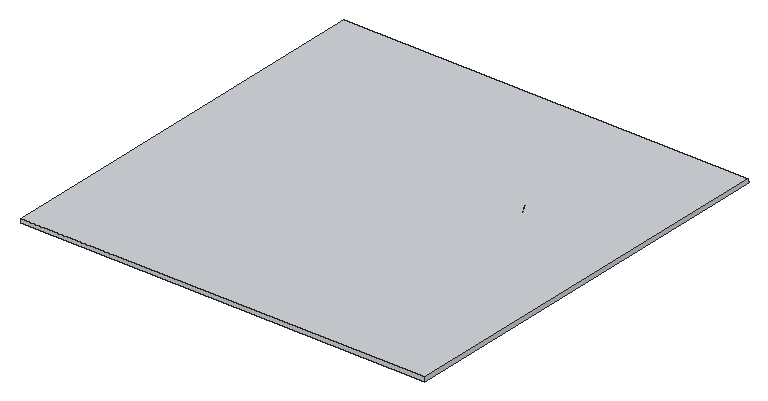
Revit family "Tyco_FireDtctnAlmCtrlIndctEquip_Zettler-AddressableOpticalSmokeHeatAndCODetector", category Fire Alarm Devices, host Face, Revit 2013
Parameters (values of type "830PC")
  Weight = "(Excluding Base) 94g"
  WarrantyStartDate [instance] = "1900-12-31T23:59:59"
  WarrantyGuarantorParts = "Contact your supplier. If you don’t have your supplier contact details please contact (tfsuk.service@tycoint.com) or (tfseu.service@tycoint.com)"
  WarrantyGuarantorLabor = "Contact your supplier. If you don’t have your supplier contact details please contact (tfsuk.service@tycoint.com) or (tfseu.service@tycoint.com)"
  WarrantyDurationUnit = "Year"
  WarrantyDurationParts = "1.5 years"
  WarrantyDurationLabor = "1.5 years"
  WarrantyDescription = "n/a"
  Voltage = "20 – 40 VDC"
  Version = "1"
  UsageCurrent = "420μA"
  Uniclass2 = "Ee_40_15_75"
  URL = "http://www.zettlerfire.com/Products/Fire/ZETTLERdetectors/ZETTLERGen6_830PC_850PC.asp"
  Type Comments = "Only 4B_Detector or 4B-I_Isolator Detector Bases can be used with 830PC Detector"
  TimeConstant = "n/a"
  TagNumber [instance] = "n/a"
  SustainabilityPerformance = "n/a"
  StorageTemperature = "-20 °C to +55 °C"
  SmokeSensorRange = "n/a"
  Size = "n/a"
  ShortCircuitIsolators = no
  Shape = "n/a"
  SerialNumber [instance] = "n/a"
  Revision = "n/a"
  ReplacementCost = "n/a"
  RelativeHumidity = "95%(non-condensing)"
  Reference = "n/a"
  QuiescentCurrent = "420μA"
  ProductSpecification = "830PC Addressable Optical Smoke, Heat and CO Detector without built in-line isolator"
  ProductInformation = "http://www.zettlerfire.com/Products/Fire/ZETTLERdetectors/ZETTLERGen6_830PC_850PC.asp"
  ProductCodes = "516.830.054"
  PressureSensorSetPoint = "n/a"
  PhaseReference = "n/a"
  PhaseAngle = 0.00°
  OperationTemperatureRange = "-10 °C to +55 °C"
  NumberOfPoles = 0
  NominalWidth = 108 mm
  NominalVoltage = "40 V DC"
  NominalLength = 108 mm
  NominalHeight = 42 mm
  NominalFrequencyRange = "n/a"
  NominalDiameter = 108 mm
  NominalCurrent = "n/a"
  Name = "830PC-Addressable Optical Smoke, Heat and CO Detector"
  NBSReference = "90-75-30/380"
  NBSDescription = "Fire detection and alarm control and indicating equipment (CIE)"
  ModelReference = "n/a"
  ModelNumber = "830PC"
  Model = "830PC"
  Material = "Flame Retardant-FR3010 ‘BAYBLEND'"
  ManufacturerURL = "www.zettlerfire.com"
  ManufacturerName = "Tyco Fire Protection Products"
  Manufacturer = "Tyco Fire Protection Products"  # constant formula
  InsulationStandardClass = "n/a"
  InstallationDate [instance] = "1900-12-31T23:59:59"
  IfcTypeObject = "IfcBuildingElementProxy"
  IfcExportType = "HEATSENSOR"
  IfcExportAs = "IfcSensorType"
  IPCode = "IP44"
  HeatSensorSetPoint = "n/a"
  HeatSensorRange = "n/a"
  HeatSensorAccuracy = "n/a"
  HasProtectiveEarth = no
  HasBuiltInAlarm = no
  Grade = "n/a"
  Finish = "n/a"
  Features = "Optical Smoke,Heat and CO Detector"
  ExpectedLife = "n/a"
  ElectricalDeviceNominalPower = "n/a"
  DurationUnit = "Year"
  DeviceBases = "4B_Detector Base/4B-I_Isolator Detector Base"
  DetectorType = "Optical Smoke,Heat and CO Detector"
  Detector Color = Plastic Material White
  Detector Base [instance] = 4B series Detector Bases : 4B_Detector_Base
  Description = "Zettler-Addressable Optical Smoke, Heat and CO Detector without built in-line isolator"
  Default Elevation = 1200 mm
  CoverageArea = "n/a"
  Constituents = "n/a"
  Color = "White"
  CodePerformance = "n/a"
  Category = "Ee_40_15_75"
  Brand = "Zettler"
  BarCode [instance] = "n/a"
  BIMObjectName = "Tyco_FireDtctnAlmCtrlIndctEquip_Zettler-AddressableOpticalSmokeHeatAndCODetector-830PC"
  Author = "Tyco Fire Protection Products"
  AssetType = "Moveable"
  AssetIdentifier [instance] = "n/a"
  AlarmCurrent = "3.3mA"
  AccuracyOfSmokeSensor = "n/a"
  AccessibilityPerformance = "n/a"
Types (3, lengths in mm): name | Type Comments | ShortCircuitIsolators | ProductSpecification | ProductCodes | Name | ModelNumber | Model | DeviceBases | Detector Base | Description | BIMObjectName
  (no name) | "Only 4B_Detector or 4B-I_Isolator Detector Bases can be used with 830PC Detector" | no | "830PC Addressable Optical Smoke, Heat and CO Detector without built in-line isolator" | "516.830.054" | "830PC-Addressable Optical Smoke, Heat and CO Detector" | "830PC" | "830PC" | "4B_Detector Base/4B-I_Isolator Detector Base" | 4B series Detector Bases : 4B_Detector_Base | "Zettler-Addressable Optical Smoke, Heat and CO Detector without built in-line isolator" | "Tyco_FireDtctnAlmCtrlIndctEquip_Zettler-AddressableOpticalSmokeHeatAndCODetector-830PC"
  850PC | "Only 4B-C_Continuity Detector Base can be used with 850PH Detector" | yes | "850PC Addressable Optical Smoke, Heat and CO Detector with built in-line isolator" | "516.850.054" | "850PC-Addressable Optical Smoke, Heat and CO Detector" | "850PC" | "850PC" | "4B-C_Continuity Detector Base" | 4B series Detector Bases : 4B-C_Continuity_Detector_Base | "Zettler-Addressable Optical Smoke, Heat and CO Detector with built in-line isolator" | "Tyco_FireDtctnAlmCtrlIndctEquip_Zettler-AddressableOpticalSmokeHeatAndCODetector-850PC"
  830PC | "Only 4B_Detector or 4B-I_Isolator Detector Bases can be used with 830PC Detector" | no | "830PC Addressable Optical Smoke, Heat and CO Detector without built in-line isolator" | "516.830.054" | "830PC-Addressable Optical Smoke, Heat and CO Detector" | "830PC" | "830PC" | "4B_Detector Base/4B-I_Isolator Detector Base" | 4B series Detector Bases : 4B_Detector_Base | "Zettler-Addressable Optical Smoke, Heat and CO Detector without built in-line isolator" | "Tyco_FireDtctnAlmCtrlIndctEquip_Zettler-AddressableOpticalSmokeHeatAndCODetector-830PC"
Reference planes
  plane 1 "Center (Front/Back)": y = 0
  plane 2: z = 0
  plane 3 "Center (Left/Right)": x = 0
  plane 4 "Base Ref": z = -13
  plane 5: z = -55
Forms (mm)
  Extrusion 1, solid
    sketch origin (0, 0, 0) x (1, 0, 0) y (0, 1, 0)
      loop
        line (-100, 100) -> (-100, -100) -> (100, -100) -> (100, 100) -> (-100, 100)
    from 0 to 2
Lines and regions (mm)
  symbolic lines
    curve 1: circle (0, 0, 0) r 55 normal (0, 0, 1)
    curve 2: circle (0, 0, 0) r 27.844 normal (0, 0, 1)
    curve 3: line (-54.5, 0, 0) -> (54.5, 0, 0)
    curve 63: line (0, 54.516, 0) -> (0, -54.509, 0)
  symbolic lines, detail levels medium+fine
    curve 4: line (54.5, 0, 0) -> (54, 0, -13)
    curve 5: line (54, 0, -13) -> (-54, 0, -13)
    curve 6: line (-54, 0, -13) -> (-54.5, 0, 0)
    curve 7: arc (-37.856, 0, -36.4) -> (-41.005, 0, -33.439) -> (-44.898, 0, -31.56) r 14.24
    curve 8: arc (-53.231, 0, -21.704) -> (-50.512, 0, -27.856) -> (-44.898, 0, -31.56) r 11.931
    curve 9: arc (-37.856, 0, -36.4) -> (-35.038, 0, -40.489) -> (-32.735, 0, -44.888) r 41.028
    curve 10: arc (-32.735, 0, -44.888) -> (-28.969, 0, -50.351) -> (-22.82, 0, -52.844) r 11.564
    curve 11: arc (0, 0, -55) -> (-11.461, 0, -54.465) -> (-22.82, 0, -52.844) r 120.632
    curve 12: line (-53.231, 0, -21.704) -> (-54, 0, -13)
    curve 13: arc (37.856, 0, -36.4) -> (41.005, 0, -33.439) -> (44.898, 0, -31.56) r 14.24
    curve 14: arc (53.231, 0, -21.704) -> (50.512, 0, -27.856) -> (44.898, 0, -31.56) r 11.931
    curve 15: arc (37.856, 0, -36.4) -> (35.038, 0, -40.489) -> (32.735, 0, -44.888) r 41.028
    curve 16: arc (32.735, 0, -44.888) -> (28.969, 0, -50.351) -> (22.82, 0, -52.844) r 11.564
    curve 17: arc (0, 0, -55) -> (11.461, 0, -54.465) -> (22.82, 0, -52.844) r 120.632
    curve 18: line (53.231, 0, -21.704) -> (54, 0, -13)
    curve 19: spline (-22.136, 0, -44.829) -> (-22.285, 0, -44.257) -> (-22.444, 0, -43.692) -> (-22.614, 0, -43.133) -> (-22.795, 0, -42.58) -> (-22.986, 0, -42.035) -> (-23.187, 0, -41.497) -> (-23.398, 0, -40.966) -> (-23.619, 0, -40.444) -> (-23.851, 0, -39.931) -> (-24.091, 0, -39.426) -> (-24.341, 0, -38.931) -> (-24.601, 0, -38.445)
    curve 20: spline (-24.601, 0, -38.445) -> (-24.702, 0, -38.266) -> (-24.8, 0, -38.089) -> (-24.896, 0, -37.913) -> (-24.989, 0, -37.739) -> (-25.079, 0, -37.565) -> (-25.167, 0, -37.393) -> (-25.251, 0, -37.223) -> (-25.333, 0, -37.055) -> (-25.411, 0, -36.888) -> (-25.487, 0, -36.723) -> (-25.559, 0, -36.561) -> (-25.629, 0, -36.4)
    curve 21: spline (-16.99, 0, -52.18) -> (-17.571, 0, -51.85) -> (-18.133, 0, -51.46) -> (-18.674, 0, -51.012) -> (-19.19, 0, -50.509) -> (-19.678, 0, -49.954) -> (-20.135, 0, -49.35) -> (-20.561, 0, -48.7) -> (-20.951, 0, -48.007) -> (-21.304, 0, -47.275) -> (-21.617, 0, -46.509) -> (-21.89, 0, -45.712) -> (-22.121, 0, -44.888)
    curve 22: spline (-15.029, 0, -52.569) -> (-15.179, 0, -52.575) -> (-15.34, 0, -52.573) -> (-15.509, 0, -52.563) -> (-15.684, 0, -52.545) -> (-15.863, 0, -52.52) -> (-16.042, 0, -52.488) -> (-16.219, 0, -52.45) -> (-16.391, 0, -52.405) -> (-16.557, 0, -52.355) -> (-16.713, 0, -52.3) -> (-16.858, 0, -52.241) -> (-16.99, 0, -52.179)
    curve 23: line (-8.615, 0, -52.569) -> (-15.029, 0, -52.569)
    curve 24: spline (-7.74, 0, -52.193) -> (-7.718, 0, -52.242) -> (-7.714, 0, -52.29) -> (-7.729, 0, -52.336) -> (-7.763, 0, -52.379) -> (-7.816, 0, -52.418) -> (-7.886, 0, -52.454) -> (-7.973, 0, -52.486) -> (-8.076, 0, -52.513) -> (-8.193, 0, -52.535) -> (-8.323, 0, -52.552) -> (-8.464, 0, -52.563) -> (-8.615, 0, -52.569)
    curve 25: spline (-9.631, 0, -44.858) -> (-9.546, 0, -45.688) -> (-9.446, 0, -46.491) -> (-9.331, 0, -47.263) -> (-9.201, 0, -48) -> (-9.057, 0, -48.698) -> (-8.9, 0, -49.353) -> (-8.732, 0, -49.961) -> (-8.552, 0, -50.519) -> (-8.361, 0, -51.024) -> (-8.162, 0, -51.472) -> (-7.955, 0, -51.863) -> (-7.74, 0, -52.193)
    curve 26: spline (-10.535, 0, -38.446) -> (-10.44, 0, -38.934) -> (-10.348, 0, -39.431) -> (-10.26, 0, -39.938) -> (-10.175, 0, -40.454) -> (-10.093, 0, -40.978) -> (-10.016, 0, -41.511) -> (-9.942, 0, -42.052) -> (-9.872, 0, -42.6) -> (-9.806, 0, -43.155) -> (-9.743, 0, -43.716) -> (-9.685, 0, -44.285) -> (-9.631, 0, -44.858)
    curve 27: spline (-11.314, 0, -36.4) -> (-11.222, 0, -36.558) -> (-11.135, 0, -36.719) -> (-11.053, 0, -36.883) -> (-10.976, 0, -37.048) -> (-10.903, 0, -37.216) -> (-10.836, 0, -37.386) -> (-10.773, 0, -37.558) -> (-10.715, 0, -37.732) -> (-10.663, 0, -37.908) -> (-10.615, 0, -38.086) -> (-10.573, 0, -38.265) -> (-10.535, 0, -38.446)
    curve 28: line (-11.314, 0, -36.4) -> (-25.629, 0, -36.4)
    curve 29: line (25.629, 0, -36.4) -> (11.314, 0, -36.4)
    curve 30: spline (10.566, 0, -38.296) -> (10.604, 0, -38.131) -> (10.646, 0, -37.967) -> (10.693, 0, -37.804) -> (10.745, 0, -37.642) -> (10.8, 0, -37.482) -> (10.861, 0, -37.322) -> (10.926, 0, -37.165) -> (10.995, 0, -37.008) -> (11.068, 0, -36.854) -> (11.146, 0, -36.701) -> (11.228, 0, -36.549) -> (11.314, 0, -36.4)
    curve 31: spline (9.631, 0, -44.858) -> (9.686, 0, -44.27) -> (9.747, 0, -43.687) -> (9.811, 0, -43.111) -> (9.879, 0, -42.542) -> (9.951, 0, -41.981) -> (10.028, 0, -41.428) -> (10.108, 0, -40.883) -> (10.192, 0, -40.346) -> (10.28, 0, -39.819) -> (10.371, 0, -39.301) -> (10.467, 0, -38.794) -> (10.566, 0, -38.296)
    curve 32: spline (7.762, 0, -52.162) -> (7.974, 0, -51.829) -> (8.179, 0, -51.436) -> (8.376, 0, -50.987) -> (8.564, 0, -50.482) -> (8.742, 0, -49.926) -> (8.909, 0, -49.32) -> (9.063, 0, -48.669) -> (9.205, 0, -47.976) -> (9.334, 0, -47.244) -> (9.448, 0, -46.478) -> (9.547, 0, -45.681) -> (9.631, 0, -44.858)
    curve 33: spline (8.688, 0, -52.569) -> (8.521, 0, -52.575) -> (8.364, 0, -52.572) -> (8.22, 0, -52.562) -> (8.091, 0, -52.543) -> (7.979, 0, -52.517) -> (7.884, 0, -52.483) -> (7.81, 0, -52.443) -> (7.757, 0, -52.396) -> (7.725, 0, -52.344) -> (7.716, 0, -52.288) -> (7.729, 0, -52.227) -> (7.764, 0, -52.163)
    curve 34: line (8.688, 0, -52.569) -> (15.092, 0, -52.569)
    curve 35: spline (17.057, 0, -52.145) -> (16.931, 0, -52.199) -> (16.791, 0, -52.252) -> (16.637, 0, -52.303) -> (16.473, 0, -52.352) -> (16.301, 0, -52.397) -> (16.124, 0, -52.438) -> (15.944, 0, -52.474) -> (15.763, 0, -52.505) -> (15.585, 0, -52.53) -> (15.413, 0, -52.55) -> (15.247, 0, -52.563) -> (15.092, 0, -52.569)
    curve 36: spline (22.121, 0, -44.888) -> (21.893, 0, -45.704) -> (21.623, 0, -46.494) -> (21.313, 0, -47.254) -> (20.965, 0, -47.98) -> (20.58, 0, -48.668) -> (20.161, 0, -49.314) -> (19.709, 0, -49.916) -> (19.228, 0, -50.469) -> (18.719, 0, -50.971) -> (18.186, 0, -51.419) -> (17.631, 0, -51.811) -> (17.057, 0, -52.145)
    curve 37: spline (24.552, 0, -38.534) -> (24.296, 0, -39.018) -> (24.049, 0, -39.512) -> (23.812, 0, -40.015) -> (23.584, 0, -40.526) -> (23.366, 0, -41.046) -> (23.157, 0, -41.574) -> (22.959, 0, -42.109) -> (22.77, 0, -42.652) -> (22.592, 0, -43.202) -> (22.425, 0, -43.758) -> (22.268, 0, -44.32) -> (22.121, 0, -44.888)
    curve 38: spline (25.629, 0, -36.4) -> (25.553, 0, -36.565) -> (25.475, 0, -36.732) -> (25.394, 0, -36.903) -> (25.31, 0, -37.075) -> (25.224, 0, -37.25) -> (25.135, 0, -37.428) -> (25.044, 0, -37.607) -> (24.95, 0, -37.789) -> (24.854, 0, -37.973) -> (24.756, 0, -38.158) -> (24.655, 0, -38.345) -> (24.552, 0, -38.534)
    curve 39: spline (-5.342, 0, -52.17) -> (-5.554, 0, -51.838) -> (-5.76, 0, -51.446) -> (-5.958, 0, -50.996) -> (-6.146, 0, -50.492) -> (-6.324, 0, -49.935) -> (-6.492, 0, -49.329) -> (-6.647, 0, -48.677) -> (-6.789, 0, -47.982) -> (-6.918, 0, -47.249) -> (-7.032, 0, -46.481) -> (-7.132, 0, -45.683) -> (-7.216, 0, -44.858)
    curve 40: spline (-7.216, 0, -44.858) -> (-7.282, 0, -44.168) -> (-7.354, 0, -43.485) -> (-7.431, 0, -42.812) -> (-7.514, 0, -42.149) -> (-7.603, 0, -41.497) -> (-7.697, 0, -40.857) -> (-7.796, 0, -40.228) -> (-7.901, 0, -39.612) -> (-8.011, 0, -39.01) -> (-8.125, 0, -38.421) -> (-8.245, 0, -37.848) -> (-8.369, 0, -37.289)
    curve 41: spline (-8.369, 0, -37.289) -> (-8.387, 0, -37.213) -> (-8.403, 0, -37.138) -> (-8.418, 0, -37.063) -> (-8.433, 0, -36.988) -> (-8.447, 0, -36.913) -> (-8.46, 0, -36.839) -> (-8.471, 0, -36.765) -> (-8.482, 0, -36.691) -> (-8.492, 0, -36.618) -> (-8.502, 0, -36.545) -> (-8.51, 0, -36.472) -> (-8.517, 0, -36.4)
    curve 42: line (8.517, 0, -36.4) -> (-8.517, 0, -36.4)
    curve 43: spline (8.517, 0, -36.4) -> (8.51, 0, -36.474) -> (8.501, 0, -36.548) -> (8.491, 0, -36.622) -> (8.481, 0, -36.697) -> (8.47, 0, -36.772) -> (8.457, 0, -36.847) -> (8.444, 0, -36.923) -> (8.43, 0, -37) -> (8.415, 0, -37.076) -> (8.399, 0, -37.153) -> (8.383, 0, -37.231) -> (8.365, 0, -37.308)
    curve 44: spline (8.365, 0, -37.308) -> (8.241, 0, -37.866) -> (8.122, 0, -38.438) -> (8.008, 0, -39.025) -> (7.899, 0, -39.626) -> (7.794, 0, -40.241) -> (7.695, 0, -40.868) -> (7.602, 0, -41.507) -> (7.513, 0, -42.157) -> (7.43, 0, -42.818) -> (7.353, 0, -43.489) -> (7.282, 0, -44.17) -> (7.216, 0, -44.858)
    curve 45: spline (7.216, 0, -44.858) -> (7.132, 0, -45.678) -> (7.034, 0, -46.472) -> (6.92, 0, -47.236) -> (6.792, 0, -47.966) -> (6.651, 0, -48.657) -> (6.497, 0, -49.307) -> (6.331, 0, -49.911) -> (6.155, 0, -50.467) -> (5.968, 0, -50.971) -> (5.772, 0, -51.421) -> (5.568, 0, -51.815) -> (5.357, 0, -52.149)
    curve 46: spline (5.355, 0, -52.148) -> (5.306, 0, -52.202) -> (5.236, 0, -52.255) -> (5.147, 0, -52.305) -> (5.039, 0, -52.353) -> (4.913, 0, -52.398) -> (4.773, 0, -52.439) -> (4.62, 0, -52.475) -> (4.456, 0, -52.505) -> (4.283, 0, -52.531) -> (4.104, 0, -52.55) -> (3.922, 0, -52.563) -> (3.739, 0, -52.569)
    curve 47: line (-3.661, 0, -52.569) -> (3.739, 0, -52.569)
    curve 48: spline (-3.661, 0, -52.569) -> (-3.845, 0, -52.575) -> (-4.029, 0, -52.573) -> (-4.211, 0, -52.562) -> (-4.387, 0, -52.544) -> (-4.556, 0, -52.519) -> (-4.715, 0, -52.486) -> (-4.862, 0, -52.446) -> (-4.994, 0, -52.4) -> (-5.109, 0, -52.348) -> (-5.207, 0, -52.292) -> (-5.284, 0, -52.232) -> (-5.341, 0, -52.169)
    curve 49: line (44.898, 0, -31.56) -> (-44.898, 0, -31.56)
    curve 50: spline (0, 37.856, -36.4) -> (0, 37.299, -37.005) -> (0, 36.763, -37.63) -> (0, 36.251, -38.275) -> (0, 35.762, -38.94) -> (0, 35.296, -39.622) -> (0, 34.855, -40.322) -> (0, 34.439, -41.038) -> (0, 34.049, -41.77) -> (0, 33.685, -42.516) -> (0, 33.348, -43.275) -> (0, 33.038, -44.046) -> (0, 32.755, -44.829)
    curve 51: spline (0, 32.755, -44.829) -> (0, 32.382, -45.801) -> (0, 31.928, -46.735) -> (0, 31.397, -47.625) -> (0, 30.793, -48.464) -> (0, 30.122, -49.246) -> (0, 29.387, -49.964) -> (0, 28.594, -50.613) -> (0, 27.75, -51.188) -> (0, 26.861, -51.685) -> (0, 25.934, -52.1) -> (0, 24.975, -52.43) -> (0, 23.992, -52.672)
    curve 52: arc (0, 53.231, -21.704) -> (0, 50.509, -27.854) -> (0, 44.898, -31.56) r 11.949
    curve 53: arc (0, 44.898, -31.56) -> (0, 41.006, -33.441) -> (0, 37.856, -36.4) r 14.284
    curve 54: arc (0, 23.992, -52.672) -> (0, 12.052, -54.412) -> (0, 0, -55) r 125.727
    curve 55: line (0, 53.231, -21.704) -> (0, 53.992, -13)
    curve 56: spline (0, -37.856, -36.4) -> (0, -37.299, -37.005) -> (0, -36.763, -37.63) -> (0, -36.251, -38.275) -> (0, -35.762, -38.94) -> (0, -35.296, -39.622) -> (0, -34.855, -40.322) -> (0, -34.439, -41.038) -> (0, -34.049, -41.77) -> (0, -33.685, -42.516) -> (0, -33.348, -43.275) -> (0, -33.038, -44.046) -> (0, -32.755, -44.829)
    curve 57: spline (0, -32.755, -44.829) -> (0, -32.382, -45.801) -> (0, -31.928, -46.735) -> (0, -31.397, -47.625) -> (0, -30.793, -48.464) -> (0, -30.122, -49.246) -> (0, -29.387, -49.964) -> (0, -28.594, -50.613) -> (0, -27.75, -51.188) -> (0, -26.861, -51.685) -> (0, -25.934, -52.1) -> (0, -24.975, -52.43) -> (0, -23.992, -52.672)
    curve 58: arc (0, -53.231, -21.704) -> (0, -50.509, -27.854) -> (0, -44.898, -31.56) r 11.949
    curve 59: arc (0, -44.898, -31.56) -> (0, -41.006, -33.441) -> (0, -37.856, -36.4) r 14.284
    curve 60: arc (0, -23.992, -52.672) -> (0, -12.052, -54.412) -> (0, 0, -55) r 125.727
    curve 61: line (0, -53.231, -21.704) -> (0, -53.992, -13)
    curve 62: line (0, 53.992, -13) -> (0, -53.992, -13)
    curve 64: line (0, -54.509, 0) -> (0, -53.992, -13)
    curve 65: line (0, 53.992, -13) -> (0, 54.516, 0)
    curve 66: line (0, 53.231, -21.704) -> (0, -53.231, -21.704)
    curve 67: spline (0, 5.342, -52.17) -> (0, 5.554, -51.838) -> (0, 5.76, -51.446) -> (0, 5.958, -50.996) -> (0, 6.146, -50.492) -> (0, 6.324, -49.935) -> (0, 6.492, -49.329) -> (0, 6.647, -48.677) -> (0, 6.789, -47.982) -> (0, 6.918, -47.249) -> (0, 7.032, -46.481) -> (0, 7.132, -45.683) -> (0, 7.216, -44.858)
    curve 68: spline (0, 3.661, -52.569) -> (0, 3.845, -52.575) -> (0, 4.029, -52.573) -> (0, 4.21, -52.562) -> (0, 4.387, -52.544) -> (0, 4.556, -52.519) -> (0, 4.715, -52.486) -> (0, 4.862, -52.446) -> (0, 4.994, -52.4) -> (0, 5.109, -52.348) -> (0, 5.207, -52.292) -> (0, 5.284, -52.232) -> (0, 5.341, -52.169)
    curve 69: line (0, 0, -52.569) -> (0, 3.661, -52.569)
    curve 70: line (0, -3.739, -52.569) -> (0, 0, -52.569)
    curve 71: spline (0, -5.355, -52.148) -> (0, -5.306, -52.202) -> (0, -5.236, -52.255) -> (0, -5.147, -52.305) -> (0, -5.039, -52.353) -> (0, -4.913, -52.398) -> (0, -4.773, -52.439) -> (0, -4.62, -52.475) -> (0, -4.456, -52.505) -> (0, -4.283, -52.531) -> (0, -4.104, -52.55) -> (0, -3.922, -52.563) -> (0, -3.739, -52.569)
    curve 72: spline (0, -7.216, -44.858) -> (0, -7.132, -45.678) -> (0, -7.034, -46.472) -> (0, -6.92, -47.236) -> (0, -6.792, -47.966) -> (0, -6.651, -48.657) -> (0, -6.497, -49.307) -> (0, -6.331, -49.911) -> (0, -6.155, -50.467) -> (0, -5.968, -50.971) -> (0, -5.772, -51.421) -> (0, -5.568, -51.815) -> (0, -5.357, -52.149)
    curve 73: spline (0, -8.365, -37.308) -> (0, -8.241, -37.866) -> (0, -8.122, -38.438) -> (0, -8.008, -39.025) -> (0, -7.899, -39.626) -> (0, -7.794, -40.241) -> (0, -7.695, -40.868) -> (0, -7.602, -41.507) -> (0, -7.513, -42.157) -> (0, -7.43, -42.818) -> (0, -7.353, -43.489) -> (0, -7.282, -44.17) -> (0, -7.216, -44.858)
    curve 74: spline (0, 7.216, -44.858) -> (0, 7.282, -44.165) -> (0, 7.354, -43.48) -> (0, 7.432, -42.805) -> (0, 7.516, -42.14) -> (0, 7.605, -41.486) -> (0, 7.699, -40.843) -> (0, 7.799, -40.212) -> (0, 7.904, -39.594) -> (0, 8.014, -38.99) -> (0, 8.13, -38.4) -> (0, 8.25, -37.825) -> (0, 8.375, -37.265)
    curve 75: spline (0, 8.375, -37.265) -> (0, 8.391, -37.191) -> (0, 8.407, -37.118) -> (0, 8.422, -37.045) -> (0, 8.436, -36.972) -> (0, 8.449, -36.899) -> (0, 8.462, -36.827) -> (0, 8.473, -36.755) -> (0, 8.484, -36.683) -> (0, 8.493, -36.612) -> (0, 8.502, -36.541) -> (0, 8.51, -36.47) -> (0, 8.517, -36.4)
    curve 76: line (0, 8.517, -36.4) -> (0, 0, -36.4)
    curve 77: line (0, 0, -36.4) -> (0, -8.517, -36.4)
    curve 78: spline (0, -8.517, -36.4) -> (0, -8.51, -36.474) -> (0, -8.501, -36.548) -> (0, -8.491, -36.622) -> (0, -8.481, -36.697) -> (0, -8.47, -36.772) -> (0, -8.457, -36.848) -> (0, -8.444, -36.923) -> (0, -8.43, -37) -> (0, -8.415, -37.076) -> (0, -8.399, -37.153) -> (0, -8.383, -37.231) -> (0, -8.365, -37.308)
    curve 79: spline (0, 11.314, -36.4) -> (0, 11.222, -36.558) -> (0, 11.135, -36.719) -> (0, 11.053, -36.882) -> (0, 10.976, -37.048) -> (0, 10.903, -37.216) -> (0, 10.836, -37.386) -> (0, 10.773, -37.558) -> (0, 10.715, -37.732) -> (0, 10.663, -37.907) -> (0, 10.615, -38.085) -> (0, 10.573, -38.264) -> (0, 10.535, -38.445)
    curve 80: spline (0, 10.535, -38.445) -> (0, 10.44, -38.933) -> (0, 10.348, -39.43) -> (0, 10.26, -39.937) -> (0, 10.175, -40.453) -> (0, 10.094, -40.978) -> (0, 10.016, -41.51) -> (0, 9.942, -42.051) -> (0, 9.872, -42.599) -> (0, 9.806, -43.154) -> (0, 9.743, -43.716) -> (0, 9.685, -44.284) -> (0, 9.631, -44.858)
    curve 81: spline (0, 9.631, -44.858) -> (0, 9.546, -45.688) -> (0, 9.446, -46.491) -> (0, 9.33, -47.263) -> (0, 9.201, -48) -> (0, 9.057, -48.698) -> (0, 8.9, -49.353) -> (0, 8.732, -49.961) -> (0, 8.552, -50.519) -> (0, 8.361, -51.024) -> (0, 8.162, -51.472) -> (0, 7.955, -51.863) -> (0, 7.74, -52.193)
    curve 82: spline (0, 7.74, -52.193) -> (0, 7.718, -52.242) -> (0, 7.714, -52.29) -> (0, 7.729, -52.336) -> (0, 7.763, -52.379) -> (0, 7.816, -52.418) -> (0, 7.886, -52.454) -> (0, 7.973, -52.486) -> (0, 8.076, -52.513) -> (0, 8.193, -52.535) -> (0, 8.323, -52.552) -> (0, 8.464, -52.563) -> (0, 8.616, -52.569)
    curve 83: line (0, 8.616, -52.569) -> (0, 15.029, -52.569)
    curve 84: spline (0, 15.029, -52.569) -> (0, 15.179, -52.575) -> (0, 15.34, -52.573) -> (0, 15.509, -52.563) -> (0, 15.684, -52.545) -> (0, 15.863, -52.52) -> (0, 16.041, -52.488) -> (0, 16.219, -52.45) -> (0, 16.391, -52.405) -> (0, 16.557, -52.355) -> (0, 16.713, -52.3) -> (0, 16.858, -52.241) -> (0, 16.99, -52.179)
    curve 85: spline (0, 16.99, -52.18) -> (0, 17.571, -51.85) -> (0, 18.133, -51.46) -> (0, 18.674, -51.012) -> (0, 19.19, -50.509) -> (0, 19.678, -49.954) -> (0, 20.135, -49.35) -> (0, 20.561, -48.7) -> (0, 20.951, -48.007) -> (0, 21.304, -47.275) -> (0, 21.617, -46.509) -> (0, 21.89, -45.712) -> (0, 22.121, -44.888)
    curve 86: spline (0, 22.136, -44.829) -> (0, 22.285, -44.257) -> (0, 22.444, -43.692) -> (0, 22.614, -43.133) -> (0, 22.795, -42.58) -> (0, 22.985, -42.035) -> (0, 23.187, -41.497) -> (0, 23.398, -40.967) -> (0, 23.619, -40.445) -> (0, 23.85, -39.931) -> (0, 24.091, -39.426) -> (0, 24.341, -38.931) -> (0, 24.601, -38.445)
    curve 87: spline (0, 24.601, -38.445) -> (0, 24.702, -38.267) -> (0, 24.8, -38.09) -> (0, 24.896, -37.914) -> (0, 24.989, -37.739) -> (0, 25.079, -37.566) -> (0, 25.167, -37.394) -> (0, 25.251, -37.224) -> (0, 25.333, -37.055) -> (0, 25.411, -36.888) -> (0, 25.487, -36.724) -> (0, 25.559, -36.561) -> (0, 25.629, -36.4)
    curve 88: line (0, 25.629, -36.4) -> (0, 11.314, -36.4)
    curve 89: line (0, -11.314, -36.4) -> (0, -25.629, -36.4)
    curve 90: spline (0, -25.629, -36.4) -> (0, -25.553, -36.565) -> (0, -25.475, -36.733) -> (0, -25.394, -36.903) -> (0, -25.31, -37.076) -> (0, -25.224, -37.251) -> (0, -25.135, -37.428) -> (0, -25.044, -37.608) -> (0, -24.95, -37.789) -> (0, -24.854, -37.973) -> (0, -24.755, -38.159) -> (0, -24.655, -38.346) -> (0, -24.552, -38.535)
    curve 91: spline (0, -24.552, -38.535) -> (0, -24.298, -39.015) -> (0, -24.053, -39.504) -> (0, -23.818, -40.002) -> (0, -23.591, -40.509) -> (0, -23.375, -41.024) -> (0, -23.168, -41.546) -> (0, -22.97, -42.077) -> (0, -22.783, -42.614) -> (0, -22.606, -43.159) -> (0, -22.439, -43.709) -> (0, -22.282, -44.266) -> (0, -22.136, -44.829)
    curve 92: spline (0, -22.121, -44.888) -> (0, -21.893, -45.704) -> (0, -21.623, -46.494) -> (0, -21.313, -47.254) -> (0, -20.965, -47.98) -> (0, -20.58, -48.668) -> (0, -20.161, -49.314) -> (0, -19.709, -49.916) -> (0, -19.228, -50.469) -> (0, -18.719, -50.971) -> (0, -18.186, -51.419) -> (0, -17.631, -51.811) -> (0, -17.057, -52.145)
    curve 93: spline (0, -17.057, -52.145) -> (0, -16.931, -52.199) -> (0, -16.79, -52.252) -> (0, -16.637, -52.304) -> (0, -16.473, -52.352) -> (0, -16.301, -52.397) -> (0, -16.124, -52.438) -> (0, -15.944, -52.474) -> (0, -15.763, -52.505) -> (0, -15.585, -52.53) -> (0, -15.413, -52.55) -> (0, -15.247, -52.563) -> (0, -15.092, -52.569)
    curve 94: line (0, -8.688, -52.569) -> (0, -15.092, -52.569)
    curve 95: spline (0, -8.688, -52.569) -> (0, -8.521, -52.575) -> (0, -8.364, -52.573) -> (0, -8.22, -52.562) -> (0, -8.091, -52.544) -> (0, -7.978, -52.517) -> (0, -7.884, -52.484) -> (0, -7.81, -52.443) -> (0, -7.757, -52.397) -> (0, -7.725, -52.344) -> (0, -7.716, -52.287) -> (0, -7.729, -52.226) -> (0, -7.764, -52.163)
    curve 96: spline (0, -7.763, -52.162) -> (0, -7.975, -51.828) -> (0, -8.18, -51.436) -> (0, -8.376, -50.986) -> (0, -8.564, -50.482) -> (0, -8.742, -49.925) -> (0, -8.909, -49.32) -> (0, -9.063, -48.669) -> (0, -9.205, -47.976) -> (0, -9.334, -47.244) -> (0, -9.448, -46.478) -> (0, -9.547, -45.681) -> (0, -9.631, -44.858)
    curve 97: spline (0, -9.631, -44.858) -> (0, -9.686, -44.27) -> (0, -9.747, -43.687) -> (0, -9.811, -43.111) -> (0, -9.879, -42.542) -> (0, -9.951, -41.981) -> (0, -10.028, -41.427) -> (0, -10.108, -40.882) -> (0, -10.192, -40.346) -> (0, -10.28, -39.818) -> (0, -10.372, -39.301) -> (0, -10.467, -38.793) -> (0, -10.566, -38.295)
    curve 98: spline (0, -10.566, -38.295) -> (0, -10.604, -38.13) -> (0, -10.646, -37.966) -> (0, -10.693, -37.803) -> (0, -10.745, -37.642) -> (0, -10.8, -37.481) -> (0, -10.861, -37.322) -> (0, -10.926, -37.164) -> (0, -10.995, -37.008) -> (0, -11.068, -36.854) -> (0, -11.146, -36.701) -> (0, -11.228, -36.549) -> (0, -11.314, -36.4)
  symbolic lines, detail levels coarse
    curve 99: line (-54.5, 0, -55) -> (-54.5, 0, 0)
    curve 100: line (54.559, 0, -55) -> (-54.5, 0, -55)
    curve 101: line (54.559, 0, 0) -> (54.559, 0, -55)
    curve 102: line (0, 54.516, 0) -> (0, 54.516, -55)
    curve 103: line (0, -54.509, 0) -> (0, -54.509, -55)
    curve 104: line (0, -54.509, -55) -> (0, 54.516, -55)
Dimensions and locks
  locked: plane 4 "Base Ref" to plane 5 at 42
  locked: Extrusion 1 sketch curve to Extrusion 1 sketch curve at 200  (x2)
  locked: plane 3 "Center (Left/Right)" to Extrusion 1 sketch curve at 100
  locked: plane 1 "Center (Front/Back)" to Extrusion 1 sketch curve at 100
  locked: level to plane 4 "Base Ref" at 13
  aligned and locked: plane 2 to Extrusion 1
  aligned and locked: level to Extrusion 1
  aligned and locked: plane 3 "Center (Left/Right)" to nested 1
  aligned and locked: plane 1 "Center (Front/Back)" to nested 1
  aligned and locked: plane 1 "Center (Front/Back)" to nested 2
  aligned and locked: plane 3 "Center (Left/Right)" to nested 2
  aligned and locked: plane 1 "Center (Front/Back)" to curve 1
  aligned and locked: plane 3 "Center (Left/Right)" to curve 1
  aligned and locked: plane 1 "Center (Front/Back)" to curve 2
  aligned and locked: plane 3 "Center (Left/Right)" to curve 2
  aligned and locked: plane 4 "Base Ref" to nested 1
  aligned and locked: nested 1 to Extrusion 1
  aligned and locked: curve 12 to nested 2
  aligned and locked: curve 28 to nested 2
  aligned and locked: nested 1 to curve 62
  aligned and locked: nested 2 to curve 88
  aligned and locked: curve 99 to nested 1
  aligned and locked: plane 5 to curve 100
  aligned and locked: curve 101 to nested 1
  aligned and locked: nested 1 to curve 99
  aligned and locked: plane 5 to curve 104
Nested families
  nested 1: "4B series Detector Bases" at (0, 0, 0), type <- "Detector Base", type "4B_Detector_Base"
  nested 2: "Detector Model" at (0, 0, -13), type "Detector Model"
Connectors
  electrical at (0, 0, 0)
    settings: on plane 2, index 1, voltage 0 V, apparent load 0 VA, apparent load phase1 0 VA, apparent load phase2 0 VA, apparent load phase3 0 VA, power factor 1, load classification "Other", number of poles 1, system type 11, power factor state 1, is connector primary yes, connector utility no, sub classification motor no, connector description "Loop Powered"
Definition of nested family "4B series Detector Bases"
  Parameters (values of type "4B-I_Isolator_Detector_Base")
    Material = Plastic Material White
    Manufacturer = "Tyco"
    Default Elevation = 0 mm
  Types (3): name
    4B_Detector_Base
    4B-C_Continuity_Detector_Base
    4B-I_Isolator_Detector_Base
  Reference planes
    plane 1 "Center (Front/Back)": y = 0
    plane 2: z = 0
    plane 3 "Center (Left/Right)": x = 0
    plane 4 "Base Ref": z = -13
  Forms (mm)
    Revolve 1, solid, material "Plastic Material White" <- "Material"
      sketch origin (0, 0, 0) x (1, 0, 0) y (0, 0, 1)
        loop
          line (0, 0) -> (-54.5, 0) -> (-54.023, -13) -> (0, -13) -> (0, 0)
        axis (0, 0) -> (0, -13)
      angle from 0 to 360
  Dimensions and locks
    locked: plane 3 "Center (Left/Right)" to Revolve 1 sketch curve at 54.5
    plane 3 "Center (Left/Right)" to Revolve 1 sketch curve = 54.023 mm
    locked: level to plane 4 "Base Ref" at 13
    locked: Revolve 1 sketch curve to Revolve 1 sketch curve (angle 87.90°)
    aligned and locked: level to plane 2
    aligned and locked: plane 3 "Center (Left/Right)" to Revolve 1 sketch curve
    aligned and locked: level to Revolve 1 sketch curve
    aligned and locked: Revolve 1 sketch curve to plane 3 "Center (Left/Right)"
    aligned and locked: plane 4 "Base Ref" to Revolve 1 sketch curve
Definition of nested family "Detector Model"
  Parameters (values of type "Detector Model")
    Model = "Detector Model"
    Material = Plastic Material White
    Manufacturer = "Tyco"
  Reference planes
    plane 1 "Center (Front/Back)": y = 0
    plane 2: z = 0
    plane 3 "Center (Left/Right)": x = 0
    plane 4: z = -42
    plane 5 "Ref": z = -23.4
  Forms (mm)
    Revolve 1, solid, material "Plastic Material White" <- "Material"
      sketch origin (0, 0, 0) x (1, 0, 0) y (0, 0, 1)
        loop
          arc (-53.231, -8.704) -> (-50.502, -14.848) -> (-44.898, -18.56) r 12
          arc (-44.898, -18.56) -> (-37.35, -23.928) -> (-32.568, -31.859) r 22.749
          arc (-32.568, -31.859) -> (-29.115, -36.946) -> (-23.598, -39.657) r 12.009
          arc (-23.598, -39.657) -> (-11.857, -41.413) -> (0, -42) r 120
          line (0, -42) -> (0, -39.5)
          arc (0, -39.5) -> (-11.964, -38.889) -> (-23.804, -37.064) r 117.5
          line (-23.804, -37.064) -> (-27.901, -23.206) -> (-38.112, -19.797)
          arc (-38.112, -19.797) -> (-40.949, -17.799) -> (-44.033, -16.209) r 25.249
          arc (-44.033, -16.209) -> (-48.534, -13.303) -> (-50.746, -8.424) r 9.5
          line (-50.746, -8.424) -> (-51.49, 0) -> (-54, 0) -> (-53.231, -8.704)
        axis (0, 0) -> (0, -42)
      angle from 0 to 360
    Extrusion 2, void
      sketch origin (0, 0, 0) x (1, 0, 0) y (0, 1, 0)
        loop
          arc (3.675, 23.717) -> (4.724, 23.943) -> (5.354, 24.811) r 1.5
          line (5.354, 24.811) -> (8.376, 36.088)
          arc (8.376, 36.088) -> (8.535, 37.153) -> (8.464, 38.226) r 5
          line (8.464, 38.226) -> (7.11, 45.906)
          arc (7.11, 45.906) -> (0, 46.454) -> (-7.11, 45.906) r 46.454
          line (-7.11, 45.906) -> (-8.464, 38.226)
          arc (-8.464, 38.226) -> (-8.535, 37.14) -> (-8.369, 36.064) r 5
          line (-8.369, 36.064) -> (-5.354, 24.811)
          arc (-5.354, 24.811) -> (-4.724, 23.943) -> (-3.675, 23.717) r 1.5
          arc (-3.675, 23.717) -> (0, 24) -> (3.675, 23.717) r 24
        loop
          line (-34.489, 10.535) -> (-24.164, 7.769)
          arc (-24.164, 7.769) -> (-23.097, 7.88) -> (-22.377, 8.675) r 1.5
          arc (-22.377, 8.675) -> (-20.785, 12) -> (-18.702, 15.041) r 24
          arc (-18.702, 15.041) -> (-18.373, 16.063) -> (-18.81, 17.042) r 1.5
          line (-18.81, 17.042) -> (-26.368, 24.601)
          arc (-26.368, 24.601) -> (-27.121, 25.219) -> (-27.978, 25.679) r 5
          line (-27.978, 25.679) -> (-36.201, 29.11)
          arc (-36.201, 29.11) -> (-40.23, 23.227) -> (-43.311, 16.796) r 46.454
          line (-43.311, 16.796) -> (-36.229, 11.391)
          arc (-36.229, 11.391) -> (-35.401, 10.878) -> (-34.489, 10.535) r 5
        loop
          line (-24.811, 5.354) -> (-36.089, 8.376)
          arc (-36.089, 8.376) -> (-37.153, 8.535) -> (-38.226, 8.464) r 5
          line (-38.226, 8.464) -> (-45.906, 7.11)
          arc (-45.906, 7.11) -> (-46.454, 0) -> (-45.906, -7.11) r 46.454
          line (-45.906, -7.11) -> (-38.226, -8.464)
          arc (-38.226, -8.464) -> (-37.153, -8.535) -> (-36.088, -8.376) r 5
          line (-36.088, -8.376) -> (-24.811, -5.354)
          arc (-24.811, -5.354) -> (-23.943, -4.724) -> (-23.717, -3.675) r 1.5
          arc (-23.717, -3.675) -> (-24, 0) -> (-23.717, 3.675) r 24
          arc (-23.717, 3.675) -> (-23.943, 4.724) -> (-24.811, 5.354) r 1.5
        loop
          line (-24.601, 26.369) -> (-17.042, 18.81)
          arc (-17.042, 18.81) -> (-16.063, 18.373) -> (-15.041, 18.702) r 1.5
          arc (-15.041, 18.702) -> (-12, 20.785) -> (-8.676, 22.377) r 24
          arc (-8.676, 22.377) -> (-7.88, 23.097) -> (-7.769, 24.164) r 1.5
          line (-7.769, 24.164) -> (-10.535, 34.489)
          arc (-10.535, 34.489) -> (-10.878, 35.4) -> (-11.39, 36.228) r 5
          line (-11.39, 36.228) -> (-16.796, 43.311)
          arc (-16.796, 43.311) -> (-23.227, 40.23) -> (-29.11, 36.201) r 46.454
          line (-29.11, 36.201) -> (-25.68, 27.979)
          arc (-25.68, 27.979) -> (-25.219, 27.121) -> (-24.601, 26.369) r 5
        loop
          arc (7.772, 24.177) -> (7.877, 23.103) -> (8.675, 22.377) r 1.5
          arc (8.675, 22.377) -> (12, 20.785) -> (15.041, 18.702) r 24
          arc (15.041, 18.702) -> (16.062, 18.373) -> (17.042, 18.81) r 1.5
          line (17.042, 18.81) -> (24.601, 26.369)
          arc (24.601, 26.369) -> (25.219, 27.121) -> (25.68, 27.979) r 5
          line (25.68, 27.979) -> (29.11, 36.201)
          arc (29.11, 36.201) -> (23.227, 40.23) -> (16.796, 43.311) r 46.454
          line (16.796, 43.311) -> (11.39, 36.228)
          arc (11.39, 36.228) -> (10.878, 35.4) -> (10.535, 34.489) r 5
          line (10.535, 34.489) -> (7.772, 24.177)
        loop
          arc (18.818, 17.05) -> (18.373, 16.068) -> (18.702, 15.041) r 1.5
          arc (18.702, 15.041) -> (20.785, 12) -> (22.377, 8.675) r 24
          arc (22.377, 8.675) -> (23.097, 7.88) -> (24.164, 7.769) r 1.5
          line (24.164, 7.769) -> (34.489, 10.535)
          arc (34.489, 10.535) -> (35.401, 10.878) -> (36.229, 11.391) r 5
          line (36.229, 11.391) -> (43.311, 16.796)
          arc (43.311, 16.796) -> (40.23, 23.227) -> (36.201, 29.11) r 46.454
          line (36.201, 29.11) -> (27.978, 25.679)
          arc (27.978, 25.679) -> (27.121, 25.219) -> (26.368, 24.601) r 5
          line (26.368, 24.601) -> (18.818, 17.05)
        loop
          arc (23.717, -3.675) -> (23.943, -4.724) -> (24.811, -5.354) r 1.5
          line (24.811, -5.354) -> (36.085, -8.375)
          arc (36.085, -8.375) -> (37.151, -8.535) -> (38.226, -8.464) r 5
          line (38.226, -8.464) -> (45.906, -7.11)
          arc (45.906, -7.11) -> (46.454, 0) -> (45.906, 7.11) r 46.454
          line (45.906, 7.11) -> (38.226, 8.464)
          arc (38.226, 8.464) -> (37.151, 8.535) -> (36.085, 8.375) r 5
          line (36.085, 8.375) -> (24.811, 5.354)
          arc (24.811, 5.354) -> (23.943, 4.724) -> (23.717, 3.675) r 1.5
          arc (23.717, 3.675) -> (24, 0) -> (23.717, -3.675) r 24
        loop
          arc (18.702, -15.041) -> (18.372, -16.057) -> (18.802, -17.034) r 1.5
          line (18.802, -17.034) -> (26.368, -24.601)
          arc (26.368, -24.601) -> (27.121, -25.219) -> (27.978, -25.679) r 5
          line (27.978, -25.679) -> (36.201, -29.11)
          arc (36.201, -29.11) -> (40.23, -23.227) -> (43.311, -16.796) r 46.454
          line (43.311, -16.796) -> (36.229, -11.391)
          arc (36.229, -11.391) -> (35.401, -10.878) -> (34.489, -10.535) r 5
          line (34.489, -10.535) -> (24.164, -7.769)
          arc (24.164, -7.769) -> (23.097, -7.88) -> (22.377, -8.675) r 1.5
          arc (22.377, -8.675) -> (20.785, -12) -> (18.702, -15.041) r 24
        loop
          arc (8.675, -22.377) -> (7.883, -23.091) -> (7.765, -24.151) r 1.5
          line (7.765, -24.151) -> (10.535, -34.489)
          arc (10.535, -34.489) -> (10.878, -35.4) -> (11.39, -36.228) r 5
          line (11.39, -36.228) -> (16.796, -43.311)
          arc (16.796, -43.311) -> (23.227, -40.23) -> (29.11, -36.201) r 46.454
          line (29.11, -36.201) -> (25.68, -27.979)
          arc (25.68, -27.979) -> (25.219, -27.121) -> (24.601, -26.369) r 5
          line (24.601, -26.369) -> (17.042, -18.81)
          arc (17.042, -18.81) -> (16.062, -18.373) -> (15.041, -18.702) r 1.5
          arc (15.041, -18.702) -> (12, -20.785) -> (8.675, -22.377) r 24
        loop
          line (8.376, -36.088) -> (5.354, -24.811)
          arc (5.354, -24.811) -> (4.724, -23.943) -> (3.675, -23.717) r 1.5
          arc (3.675, -23.717) -> (0, -24) -> (-3.675, -23.717) r 24
          arc (-3.675, -23.717) -> (-4.724, -23.943) -> (-5.354, -24.811) r 1.5
          line (-5.354, -24.811) -> (-8.369, -36.064)
          arc (-8.369, -36.064) -> (-8.535, -37.14) -> (-8.464, -38.226) r 5
          line (-8.464, -38.226) -> (-7.11, -45.906)
          arc (-7.11, -45.906) -> (0, -46.454) -> (7.11, -45.906) r 46.454
          line (7.11, -45.906) -> (8.464, -38.226)
          arc (8.464, -38.226) -> (8.535, -37.153) -> (8.376, -36.088) r 5
        loop
          line (-10.535, -34.489) -> (-7.769, -24.164)
          arc (-7.769, -24.164) -> (-7.88, -23.097) -> (-8.676, -22.377) r 1.5
          arc (-8.676, -22.377) -> (-12, -20.785) -> (-15.041, -18.702) r 24
          arc (-15.041, -18.702) -> (-16.063, -18.373) -> (-17.042, -18.81) r 1.5
          line (-17.042, -18.81) -> (-24.601, -26.369)
          arc (-24.601, -26.369) -> (-25.219, -27.121) -> (-25.68, -27.979) r 5
          line (-25.68, -27.979) -> (-29.11, -36.201)
          arc (-29.11, -36.201) -> (-23.227, -40.23) -> (-16.796, -43.311) r 46.454
          line (-16.796, -43.311) -> (-11.39, -36.228)
          arc (-11.39, -36.228) -> (-10.878, -35.4) -> (-10.535, -34.489) r 5
        loop
          line (-26.368, -24.601) -> (-18.81, -17.042)
          arc (-18.81, -17.042) -> (-18.373, -16.063) -> (-18.702, -15.041) r 1.5
          arc (-18.702, -15.041) -> (-20.785, -12) -> (-22.377, -8.675) r 24
          arc (-22.377, -8.675) -> (-23.097, -7.88) -> (-24.164, -7.769) r 1.5
          line (-24.164, -7.769) -> (-34.489, -10.535)
          arc (-34.489, -10.535) -> (-35.401, -10.878) -> (-36.229, -11.391) r 5
          line (-36.229, -11.391) -> (-43.311, -16.796)
          arc (-43.311, -16.796) -> (-40.23, -23.227) -> (-36.201, -29.11) r 46.454
          line (-36.201, -29.11) -> (-27.978, -25.679)
          arc (-27.978, -25.679) -> (-27.121, -25.219) -> (-26.368, -24.601) r 5
      from -42 to -23.4
    Revolve 3, solid, material "Material Black", detail levels fine
      sketch origin (0, 0, 0) x (1, 0, 0) y (0, 0, 1)
        loop
          line (0, -39.569) -> (0, 0) -> (-50, 0) -> (-50, -8.704) -> (-34, -8.704)
          arc (-34, -8.704) -> (-31.172, -9.876) -> (-30, -12.704) r 4
          line (-30, -12.704) -> (-30, -21.4)
          arc (-30, -21.4) -> (-29.414, -22.814) -> (-28, -23.4) r 2
          line (-28, -23.4) -> (-22, -23.4)
          arc (-22, -23.4) -> (-20.586, -23.986) -> (-20, -25.4) r 2
          line (-20, -25.4) -> (-20, -37.569)
          arc (-20, -37.569) -> (-19.414, -38.983) -> (-18, -39.569) r 2
          line (-18, -39.569) -> (0, -39.569)
        axis (0, 0) -> (0, -39.569)
      angle from 0 to 360
  Cuts and joins
    Extrusion 2 cuts Revolve 1
  Dimensions and locks
    locked: level to plane 4 at 42
    locked: Revolve 1 sketch curve to Revolve 1 sketch curve at 2.5
    locked: plane 3 "Center (Left/Right)" to Revolve 1 sketch curve at 54
    locked: level to plane 5 "Ref" at 23.4
    locked: plane 3 "Center (Left/Right)" to Revolve 3 sketch curve at 50
    locked: plane 3 "Center (Left/Right)" to Revolve 3 sketch curve at 30
    locked: plane 3 "Center (Left/Right)" to Revolve 3 sketch curve at 20
    aligned and locked: level to plane 2
    aligned and locked: Revolve 1 sketch curve to plane 3 "Center (Left/Right)"  (x2)
    aligned and locked: plane 4 to Revolve 1 sketch curve
    aligned and locked: Revolve 1 sketch curve to level
    aligned and locked: plane 4 to Extrusion 2
    aligned and locked: plane 5 "Ref" to cut or joined group of Revolve 1, Extrusion 2
    aligned and locked: Revolve 3 sketch curve to plane 3 "Center (Left/Right)"  (x2)
    aligned and locked: cut or joined group of Revolve 1, Extrusion 2 to Revolve 3 sketch curve
    aligned and locked: Revolve 3 sketch curve to cut or joined group of Revolve 1, Extrusion 2
    aligned and locked: Revolve 3 sketch curve to level
    aligned and locked: Revolve 3 sketch curve to Revolve 3 sketch curve
